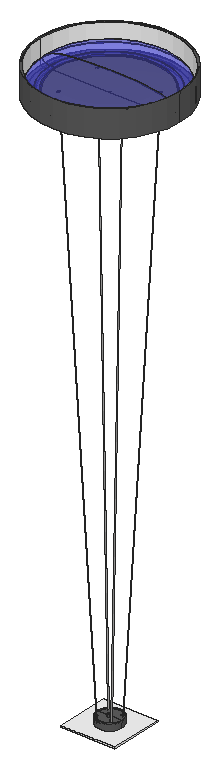
Revit family "BE_50274.1_de_DE", category Leuchten, Revit 2020
Family settings
  Basisbauteil = Fläche
  Bemaßung runder Anschluss = Durchmesser verwenden
  Teiletyp = Normal
  Beim Laden mit Abzugskörper schneiden = Ja
  Lichtquelle = Ja
  Gemeinsam genutzt = Nein
  Raumberechnungspunkt = Ja
Parameters (values of type "BEGA_50274.1_K3")
  built-in parameter 1150104 = 15.32 (stored number, unit not read)
  Wattage = 92.4 W
  Default Elevation = 0 mm
  Emit from Line Length = 609.6 mm
  built-in parameter 1150113 = 1 (stored number, unit not read)
  built-in parameter 1114218 = 1 (stored number, unit not read)
  Umgebungstemperatur = "25 °C"
  URL = "https://www.bega.com/de/produkt/50274.1"
  Typenkommentare = "© 2022 BEGA. Wir behalten uns das Recht vor, technische Änderungen ohne vorherige Ankündigung vorzunehmen."  # constant formula
  built-in parameter 1150134 = 3
  built-in parameter 1150109 = 1 (stored number, unit not read)
  Strom = ""
  built-in parameter 1150110 = 1 (stored number, unit not read)
  Spannung = 239.996 V
  Sonderanfertigung = no
  Seriennummer [instance] = "Hier können Sie die eindeutige Seriennummer für das Facility Management eintragen."
  Schutzklasse = "I"
  Schutzart = "IP 20"
  Scheinlast = 0 VA
  Produktdatenblatt = "https://cdn.bega.com/bega/products/50274.1K3/current/documents/data-sheets/de"
  Oberflächentemperatur = ""
  Neigungswinkel = 90.00°
  Modell = "50274.1K3"
  Material_35 = BEGA_Oberfläche_Samtschwarz_matt
  Material_34 = BEGA_Oberfläche_Samtweiss_matt
  Material_14 = BEGA_Kunststoff_opal
  Material_06 = BEGA_Oberfläche_Edelstahl_gebürstet
  Logo = 0
  built-in parameter 1114217 = 1 (stored number, unit not read)
  built-in parameter 1150139 = (empty or 0)
  built-in parameter 1150105 = 1212.5 (stored number, unit not read)
  built-in parameter 1150114 = 1 (stored number, unit not read)
  Lumens = 15236.8 lm
  built-in parameter 1150115 = 1 (stored number, unit not read)
  Leuchtenlänge [instance] = 4000 mm
  Leuchtenlichtstrom = "11100 lm"
  Leuchtenanzahl = ""
  Lebensdauerkriterien = "L70B50 @ 25 °C = 200000 h"
  Lastklassifizierung = Beleuchtung
  built-in parameter 1150112 = 1 (stored number, unit not read)
  Lampenlichtstrom = "15240 lm"
  Lampe = "LED 91.2 W"
  LED_Modulbezeichnung = "4x LED-0704/930"
  Hersteller = "BEGA"  # constant formula
  Halbstreuwinkel = ""
  Gewicht = "28.9 kg"
  Gebrauchslageneinschränkung [instance] = ""
  Frequenz = "0/50-60 Hz"
  Farbwiedergabeindex = "CRI > 90"
  Farbtemperaturverschiebung bei Dämpfen der Lampe = <Keine Auswahl>
  Farbtemperatur = "3000 K"
  Color Filter = 16777215
  built-in parameter 1150133 = 10 (stored number, unit not read)
  Energieeffizienzklasse = "LED A++ - A"
  built-in parameter 1150137 = (empty or 0)
  built-in parameter 1150132 = (empty or 0)
  ENEC = "ja"
  Dimmbar [instance] = "DALI"
  Datei für fotometrisches Netz = "BE_50274.1K3.IES"
  CE_Konformität = "ja"
  Bestellnummer = "50274.1K3"
  Beschreibung_Sonderanfertigung = "Hier können Sie Informationen zur Sonderanfertigung eintragen."
  Beschreibung = "Flächenpendelleuchte"
  built-in parameter 1150106 = 12.125 (stored number, unit not read)
  Befestigungsbohrung = ""
  Befestigungsabstand = ""
  Ballwurfsicher = ""
  BEGA_Dummy = no
  Anschlussleitung = ""
  Anschlussleistung [instance] = "100 W"
  Anschlusskasten = ""
  built-in parameter 1150107 = 3200 (stored number, unit not read)
  built-in parameter 1150102 = (empty or 0)
  built-in parameter 1150138 = (empty or 0)
  Aktualisierung = "2022-05-19T04:00:07"
  Abstand_zur_angestrahlten_Fläche [instance] = ""
  AC/DC = "AC/DC"
Reference planes
  plane 1 "Mitte (Vorne/Hinten)": y = 0
  plane 2: z = 0
  plane 3 "Mitte (Links/Rechts)": x = 0
  plane 4 "Links": x = -523
  plane 5 "Rechts": x = 523
  plane 6 "Unten": y = -523
  plane 7 "Oben": y = 523
  plane 8 "Vorne": z = 4380.449
  plane 9 "Hinten": z = 0
Forms (mm)
  Extrusion 1, solid, material "BEGA_Platte_Weiss"
    sketch origin (0, -1119.2, 0) x (1, 0, 0) y (0, 1, 0)
      loop
        line (-200, 1319.2) -> (-200, 919.2) -> (200, 919.2) -> (200, 1319.2) -> (-200, 1319.2)
    from 0 to -10
  Extrusion 2, solid, material "BEGA_Dummy_matt", visible <- "BEGA_Dummy"
    sketch origin (77.149, -76.023, 0) x (1, 0, 0) y (0, 1, 0)
      loop
        circle (-77.149, 76.023) r 523
    from 0 to 4380.449
Dimensions and locks
  plane 1 "Mitte (Vorne/Hinten)" to Extrusion 1 = 200 mm
  aligned and locked: plane 2 to Extrusion 1
  aligned and locked: level to Extrusion 1
Nested families
  nested 1: "BE_50274.1" at (0, 0, 0), type "BE_50274.1"
Connectors
  electrical at (0, 0, 0), driven by "Lastklassifizierung", driven by "Spannung", driven by "Scheinlast"
    settings: index 1, voltage 239.996 V, apparent load 0 VA, apparent load phase1 0 VA, apparent load phase2 0 VA, apparent load phase3 0 VA, power factor 1, load classification "Beleuchtung", number of poles 1, system type 31, power factor state 1, is connector primary yes, connector utility no, sub classification motor no, connector description ""
Definition of nested family "BE_50274.1"
  Parameters (values of type "BE_50274.1")
    Default Elevation = 1 mm
    URL = "http://www.bega.de/de/produkt"
    Type Comments = "© 2015 BEGA. Wir behalten uns das Recht vor, technische Änderungen ohne vorherige Ankündigung vorzunehmen. "  # constant formula
    Type Image = (empty or 0)
    Material_35 = none
    Material_34 = none
    Material_14 = none
    Material_06 = none
    M_W = yes
    M_G = yes
    M_A = yes
    Länge_Platte = 400 mm  # constant formula
    Höhe_Platte = -10 mm  # constant formula
    Manufacturer = "BEGA"  # constant formula
    Breite_Platte = 400 mm  # constant formula
  Reference planes
    plane 1 "Mitte (Oben/Unten)": y = 0
    plane 2: z = 0
    plane 3 "Mitte (Links/Rechts)": x = 0
    plane 4: x = -523
    plane 5: x = 523
    plane 6: z = 0
    plane 7: z = 4380.449
    plane 8: y = -523
    plane 9: y = 523
  Forms (mm)
    Extrusion 1, solid, detail levels medium
      sketch origin (0, 0, 0) x (1, 0, 0) y (0, 1, 0)
        loop
          line (-200, 200) -> (-200, -200) -> (200, -200) -> (200, 200) -> (-200, 200)
      from 0 to -10 <- "Höhe_Platte"
    Revolve 2, solid, material <- "Material_35", detail levels medium+fine
      sketch origin (0, 0, 0) x (1, 0, 0) y (0, 0, 1)
        loop
          arc (-91.5, 50) -> (-92.914, 49.414) -> (-93.5, 48) r 2
          line (-93.5, 48) -> (-93.5, 0) -> (-91.5, 0) -> (-91.5, 47)
          arc (-91.5, 47) -> (-91.207, 47.707) -> (-90.5, 48) r 1
          line (-90.5, 48) -> (0, 48) -> (0, 60.25) -> (-13, 60.25) -> (-14, 59.25) -> (-14, 50) -> (-91.5, 50)
        axis (0, 60.25) -> (0, 0)
      angle from 0 to 360
    Extrusion 3, void
      sketch origin (0, 0, 0) x (1, 0, 0) y (0, 1, 0)
        loop
          arc (54.784, -52.663) -> (47.906, -47.906) -> (52.663, -54.784) r 4.25
          line (52.663, -54.784) -> (61.165, -63.286)
          arc (61.165, -63.286) -> (63.289, -63.283) -> (63.281, -61.159) r 1.5
          line (63.281, -61.159) -> (54.784, -52.663)
        loop
          line (54.784, 52.663) -> (63.281, 61.159)
          arc (63.281, 61.159) -> (63.289, 63.283) -> (61.165, 63.286) r 1.5
          line (61.165, 63.286) -> (52.663, 54.784)
          arc (52.663, 54.784) -> (47.906, 47.906) -> (54.784, 52.663) r 4.25
        loop
          line (-54.784, -52.663) -> (-63.281, -61.159)
          arc (-63.281, -61.159) -> (-63.289, -63.283) -> (-61.165, -63.286) r 1.5
          line (-61.165, -63.286) -> (-52.663, -54.784)
          arc (-52.663, -54.784) -> (-47.906, -47.906) -> (-54.784, -52.663) r 4.25
        loop
          arc (-54.784, 52.663) -> (-47.906, 47.906) -> (-52.663, 54.784) r 4.25
          line (-52.663, 54.784) -> (-61.165, 63.286)
          arc (-61.165, 63.286) -> (-63.289, 63.283) -> (-63.281, 61.159) r 1.5
          line (-63.281, 61.159) -> (-54.784, 52.663)
      from 44.935 to 51.04
    Revolve 4, solid, material <- "Material_35", detail levels medium+fine
      sketch origin (0, 0, 0) x (0.707107, -0.707107, 0) y (0, 0, 1)
        loop
          line (53.5, 50) -> (56.4, 50) -> (56.4, 52.002)
          arc (56.4, 52.002) -> (56.254, 52.354) -> (55.902, 52.5) r 0.5
          line (55.902, 52.5) -> (54, 52.5)
          arc (54, 52.5) -> (53.646, 52.353) -> (53.5, 51.999) r 0.5
          line (53.5, 51.999) -> (53.5, 50)
        axis (60, 50) -> (60, 52.5)
      angle from 0 to 360
    Revolve 5, void
      sketch origin (0, 0, 0) x (1, 0, 0) y (0, 0, 1)
        loop
          line (-90.967, 22) -> (-93.748, 22) -> (-93.748, 20) -> (-90.967, 20) -> (-90.967, 22)
        axis (-90.967, 20) -> (-93.748, 20)
      angle from 0 to 360
    Revolve 6, solid, material <- "Material_06", detail levels medium+fine
      sketch origin (-15.442, -14.912, 0.502) x (0.707049, 0.707107, 0.009009) y (-0.012741, 0, 0.999919)
        loop
          line (-235.545, 4199.101) -> (-53.848, 7.642) -> (-53.048, 7.676) -> (-234.746, 4199.135) -> (-235.545, 4199.101)
        axis (-234.746, 4199.135) -> (-53.048, 7.676)
      angle from 0 to 360
    Revolve 7, solid, material <- "Material_06", detail levels medium+fine
      sketch origin (15.442, -14.912, 0.502) x (-0.707049, 0.707107, 0.009009) y (-0.012741, 0, -0.999919)
        loop
          line (-235.498, -4198.021) -> (-234.699, -4198.056) -> (-53.048, -7.676) -> (-53.848, -7.642) -> (-235.498, -4198.021)
        axis (-234.699, -4198.056) -> (-53.048, -7.676)
      angle from 0 to 360
    Revolve 8, solid, material <- "Material_06", detail levels medium+fine
      sketch origin (-15.442, 14.912, 0.502) x (0.707049, -0.707107, 0.009009) y (0.012741, 0, -0.999919)
        loop
          line (-235.55, -4199.214) -> (-234.751, -4199.249) -> (-53.048, -7.676) -> (-53.848, -7.642) -> (-235.55, -4199.214)
        axis (-234.751, -4199.249) -> (-53.048, -7.676)
      angle from 0 to 360
    Revolve 9, solid, material <- "Material_06", detail levels medium+fine
      sketch origin (15.442, 14.912, 0.502) x (-0.707049, -0.707107, 0.009009) y (0.012741, 0, 0.999919)
        loop
          line (-235.497, 4198.002) -> (-53.848, 7.642) -> (-53.048, 7.676) -> (-234.698, 4198.037) -> (-235.497, 4198.002)
        axis (-234.698, 4198.037) -> (-53.048, 7.676)
      angle from 0 to 360
    Revolve 10, solid
      sketch origin (0, 0, 0) x (1, 0, 0) y (0, 0, 1)
        loop
          line (-434.786, 4183.05) -> (-434.786, 4186.05) -> (-514.87, 4186.05) -> (-514.87, 4183.05) -> (-434.786, 4183.05)
        axis (0, 4183.05) -> (0, 4186.05)
      angle from 0 to 360
    Revolve 11, solid, material <- "Material_35", detail levels medium+fine
      sketch origin (0, 0, 0) x (1, 0, 0) y (0, 0, 1)
        loop
          line (-514.87, 4183.05) -> (-434.786, 4183.05) -> (-434.786, 4186.05) -> (-514.87, 4186.05) -> (-514.87, 4183.05)
        loop
          line (-439.786, 4197.249) -> (-439.786, 4195.249) -> (-439.786, 4189.449) -> (-438.471, 4189.449) -> (-438.471, 4195.249) -> (0, 4195.249) -> (0, 4197.249) -> (-439.786, 4197.249)
        axis (0, 4183.05) -> (0, 4197.249)
      angle from 0 to 360
    Revolve 12, solid, material <- "Material_35", detail levels medium+fine
      sketch origin (0, 0, 0) x (1, 0, 0) y (0, 0, 1)
        loop
          line (-523, 4380.449) -> (-523, 4180.449) -> (-519, 4180.449) -> (-519, 4189.449) -> (-489, 4189.449) -> (-489, 4193.449) -> (-519, 4193.449) -> (-519, 4376.949) -> (-514, 4376.949) -> (-514, 4380.449) -> (-523, 4380.449)
        axis (0, 4180.449) -> (0, 4380.449)
      angle from 0 to 360
    Revolve 13, solid, material <- "Material_34", detail levels medium+fine
      sketch origin (0, 0, 0) x (1, 0, 0) y (0, 0, 1)
        loop
          line (-517.5, 4376.949) -> (-519, 4376.949) -> (-519, 4196.949) -> (-517.5, 4196.949) -> (-517.5, 4376.949)
        axis (0, 4196.949) -> (0, 4376.949)
      angle from 0 to 360
    Revolve 14, solid, material <- "Material_14", detail levels medium+fine
      sketch origin (0, 0, 0) x (1, 0, 0) y (0, 0, 1)
        loop
          spline (-0.037, 4344.95) -> (-76.774, 4344.252) -> (-147.86, 4342.163) -> (-213.023, 4338.69) -> (-272.015, 4333.847) -> (-324.609, 4327.653) -> (-370.604, 4320.131) -> (-409.825, 4311.309) -> (-442.122, 4301.222) -> (-467.371, 4289.909) -> (-485.475, 4277.411) -> (-496.365, 4263.778) -> (-500, 4249.061)
          spline (-500, 4249.061) -> (-499.554, 4244.812) -> (-498.221, 4240.618) -> (-496.015, 4236.526) -> (-492.961, 4232.582) -> (-489.093, 4228.828) -> (-484.453, 4225.306) -> (-479.092, 4222.056) -> (-473.07, 4219.112) -> (-466.454, 4216.509) -> (-459.316, 4214.273) -> (-451.735, 4212.43) -> (-443.795, 4211.001)
          arc (-443.795, 4211.001) -> (-441.927, 4211.143) -> (-440.329, 4212.121) r 4
          line (-440.329, 4212.121) -> (-439.095, 4213.354)
          arc (-439.095, 4213.354) -> (-438.445, 4213.794) -> (-437.676, 4213.949) r 2
          line (-437.676, 4213.949) -> (-404.329, 4213.949) -> (-401.442, 4208.949) -> (-396.823, 4208.949) -> (-400.159, 4214.726)
          arc (-400.159, 4214.726) -> (-402.368, 4217.081) -> (-405.477, 4217.95) r 6
          line (-405.477, 4217.95) -> (-437.684, 4217.95)
          arc (-437.684, 4217.95) -> (-439.973, 4217.49) -> (-441.914, 4216.192) r 6
          line (-441.914, 4216.192) -> (-443.157, 4214.95)
          spline (-443.157, 4214.95) -> (-450.871, 4216.337) -> (-458.214, 4218.12) -> (-465.099, 4220.272) -> (-471.441, 4222.767) -> (-477.164, 4225.561) -> (-482.197, 4228.61) -> (-486.476, 4231.864) -> (-489.972, 4235.255) -> (-492.665, 4238.712) -> (-494.545, 4242.175) -> (-495.643, 4245.626) -> (-496, 4249.061)
          spline (-496, 4249.061) -> (-492.806, 4261.955) -> (-482.79, 4274.442) -> (-465.447, 4286.4) -> (-440.728, 4297.474) -> (-408.803, 4307.442) -> (-369.85, 4316.199) -> (-324.058, 4323.691) -> (-271.619, 4329.867) -> (-212.755, 4334.699) -> (-147.696, 4338.166) -> (-76.697, 4340.252) -> (-0.037, 4340.95)
          line (-0.037, 4340.95) -> (-0.037, 4344.95)
        axis (-0.037, 4344.95) -> (-0.037, 4208.949)
      angle from 0 to 360
    Revolve 15, void
      sketch origin (0, 0, 0) x (1, 0, 0) y (0, 0, 1)
        loop
          line (-8, 4197.249) -> (-8, 4194.949) -> (0, 4194.949) -> (0, 4197.249) -> (-8, 4197.249)
        axis (0, 4194.949) -> (0, 4197.249)
      angle from 0 to 360
    Revolve 16, solid, material <- "Material_06", detail levels medium+fine
      sketch origin (0, -180, 0) x (1, 0, 0) y (0, 0, 1)
        loop
          arc (-242.96, 4195.249) -> (-242.064, 4193.483) -> (-240.794, 4191.964) r 8.75
          line (-240.794, 4191.964) -> (-234.76, 4191.964) -> (-234.76, 4195.249) -> (-242.96, 4195.249)
        axis (-234.76, 4191.964) -> (-234.76, 4195.249)
      angle from 0 to 360
    Revolve 17, solid, material <- "Material_06", detail levels medium+fine
      sketch origin (0, -180, 0) x (-1, 0, 0) y (0, 0, -1)
        loop
          line (-242.96, -4195.249) -> (-234.76, -4195.249) -> (-234.76, -4191.964) -> (-240.794, -4191.964)
          arc (-240.794, -4191.964) -> (-242.064, -4193.483) -> (-242.96, -4195.249) r 8.75
        axis (-234.76, -4191.964) -> (-234.76, -4195.249)
      angle from 0 to 360
    Revolve 18, solid, material <- "Material_06", detail levels medium+fine
      sketch origin (0, 180, 0) x (1, 0, 0) y (0, 0, -1)
        loop
          line (-242.96, -4195.249) -> (-234.76, -4195.249) -> (-234.76, -4191.964) -> (-240.794, -4191.964)
          arc (-240.794, -4191.964) -> (-242.064, -4193.483) -> (-242.96, -4195.249) r 8.75
        axis (-234.76, -4191.964) -> (-234.76, -4195.249)
      angle from 0 to 360
    Revolve 19, solid, material <- "Material_06", detail levels medium+fine
      sketch origin (0, 180, 0) x (-1, 0, 0) y (0, 0, 1)
        loop
          arc (-242.96, 4195.249) -> (-242.064, 4193.483) -> (-240.794, 4191.964) r 8.75
          line (-240.794, 4191.964) -> (-234.76, 4191.964) -> (-234.76, 4195.249) -> (-242.96, 4195.249)
        axis (-234.76, 4191.964) -> (-234.76, 4195.249)
      angle from 0 to 360
  Cuts and joins
    Extrusion 3, Revolve 5 cuts Revolve 2
    Revolve 5 cuts Revolve 4
    joined: Revolve 2, Revolve 4
    joined: Revolve 6, Revolve 7, Revolve 8, Revolve 9, Revolve 16, Revolve 17, Revolve 18, Revolve 19
    Revolve 15 cuts Revolve 11
  Dimensions and locks
    equal spacing: Extrusion 1 sketch curve, plane 3 "Mitte (Links/Rechts)", Extrusion 1 sketch curve
    equal spacing: Extrusion 1 sketch curve, plane 1 "Mitte (Oben/Unten)", Extrusion 1 sketch curve
    "Länge_Platte": Extrusion 1 sketch curve to Extrusion 1 sketch curve
    "Breite_Platte": Extrusion 1 sketch curve to Extrusion 1 sketch curve
    aligned and locked: plane 2 to Extrusion 1
    aligned and locked: level to Extrusion 1
  Automatic sketch dimensions
    Revolve 2 sketch curve to level = 0 mm
    Revolve 2 sketch curve to plane 3 "Mitte (Links/Rechts)" = 0 mm  (x2)
    Revolve 2 sketch curve to Revolve 2 sketch curve = 13 mm
    Revolve 2 sketch curve to Revolve 2 sketch curve = 1 mm  (x3)
    Revolve 2 sketch curve to Revolve 2 sketch curve = 0 mm  (x8)
    Revolve 2 sketch curve to Revolve 2 sketch curve = 2 mm  (x4)
    Revolve 2 sketch curve to Revolve 2 sketch curve = 9.25 mm
    Revolve 2 sketch curve to Revolve 2 sketch curve = 12.25 mm
    Revolve 2 sketch curve to Revolve 2 sketch curve = 8 mm
    Extrusion 3 sketch curve to Extrusion 3 sketch curve = 1.055 mm  (x4)
    Extrusion 3 sketch curve to Extrusion 3 sketch curve = 8.497 mm  (x4)
    Extrusion 3 sketch curve to Extrusion 3 sketch curve = 2.121 mm  (x6)
    Extrusion 3 sketch curve to Extrusion 3 sketch curve = 1.751 mm  (x6)
    plane 3 "Mitte (Links/Rechts)" to Extrusion 3 sketch curve = 50.912 mm  (x2)
    Extrusion 3 sketch curve to Extrusion 3 sketch curve = 9.563 mm  (x2)
    Extrusion 3 sketch curve to Extrusion 3 sketch curve = 1.066 mm  (x4)
    Extrusion 3 sketch curve to Extrusion 3 sketch curve = 7.441 mm  (x2)
    Extrusion 3 sketch curve to plane 1 "Mitte (Oben/Unten)" = 50.912 mm  (x2)
    Extrusion 3 sketch curve to Extrusion 3 sketch curve = 1.061 mm  (x4)
    Extrusion 3 sketch curve to Extrusion 3 sketch curve = 0 mm  (x8)
    Revolve 4 sketch curve to Revolve 4 sketch curve = 0.5 mm  (x2)
    Revolve 4 sketch curve to Revolve 4 sketch curve = 1.9 mm
    Revolve 4 sketch curve to Revolve 4 sketch curve = 0.002 mm  (x2)
    Revolve 4 sketch curve to Revolve 4 sketch curve = 2 mm
    Revolve 4 sketch curve to Revolve 4 sketch curve = 0 mm  (x3)
    Revolve 4 sketch curve to Revolve 4 sketch curve = 3.6 mm
    Revolve 4 sketch curve to Revolve 4 sketch curve = 0.693 mm
    Revolve 4 sketch curve to Revolve 4 sketch curve = 3.19 mm
    Revolve 5 sketch curve to Revolve 5 sketch curve = 2.781 mm
    level to Revolve 5 sketch curve = 20 mm
    Revolve 5 sketch curve to Revolve 5 sketch curve = 2 mm
    Revolve 5 sketch curve to Revolve 5 sketch curve = 1.752 mm
    Revolve 5 sketch curve to Revolve 5 sketch curve = 0 mm  (x2)
    Revolve 6 sketch curve to Revolve 6 sketch curve = 0.799 mm  (x2)
    Revolve 6 sketch curve to Revolve 6 sketch curve = 181.697 mm
    Revolve 6 sketch curve to Revolve 6 sketch curve = 4191.459 mm
    Revolve 6 sketch curve to Revolve 6 sketch curve = 0.678 mm
    Revolve 6 sketch curve to Revolve 6 sketch curve = 0.791 mm
    Revolve 6 sketch curve to Revolve 6 sketch curve = 33.873 mm
    Revolve 6 sketch curve to Revolve 6 sketch curve = 15.637 mm
    Revolve 7 sketch curve to Revolve 7 sketch curve = 0.799 mm
    Revolve 7 sketch curve to Revolve 7 sketch curve = 181.651 mm
    Revolve 7 sketch curve to Revolve 7 sketch curve = 4190.379 mm
    Revolve 7 sketch curve to Revolve 7 sketch curve = 0.631 mm
    Revolve 7 sketch curve to Revolve 7 sketch curve = 0.791 mm
    Revolve 7 sketch curve to Revolve 7 sketch curve = 14.557 mm
    Revolve 7 sketch curve to Revolve 7 sketch curve = 18.237 mm
    Revolve 8 sketch curve to Revolve 8 sketch curve = 0.799 mm
    Revolve 8 sketch curve to Revolve 8 sketch curve = 181.702 mm
    Revolve 8 sketch curve to Revolve 8 sketch curve = 4191.573 mm
    Revolve 8 sketch curve to Revolve 8 sketch curve = 0.683 mm
    Revolve 8 sketch curve to Revolve 8 sketch curve = 0.791 mm
    Revolve 8 sketch curve to Revolve 8 sketch curve = 15.75 mm
    Revolve 8 sketch curve to Revolve 8 sketch curve = 18.237 mm
    Revolve 9 sketch curve to Revolve 9 sketch curve = 0.799 mm  (x2)
    Revolve 9 sketch curve to Revolve 9 sketch curve = 181.65 mm
    Revolve 9 sketch curve to Revolve 9 sketch curve = 4190.361 mm
    Revolve 9 sketch curve to Revolve 9 sketch curve = 0.63 mm
    Revolve 9 sketch curve to Revolve 9 sketch curve = 0.791 mm
    Revolve 9 sketch curve to Revolve 9 sketch curve = 32.775 mm
    Revolve 9 sketch curve to Revolve 9 sketch curve = 14.538 mm
    Revolve 10 sketch curve to plane 3 "Mitte (Links/Rechts)" = 0 mm
    Revolve 10 sketch curve to Revolve 10 sketch curve = 80.083 mm
    Revolve 10 sketch curve to Revolve 10 sketch curve = 3 mm
    Revolve 10 sketch curve to Revolve 10 sketch curve = 70 mm
    Revolve 10 sketch curve to Revolve 10 sketch curve = 100 mm
    Revolve 11 sketch curve to plane 3 "Mitte (Links/Rechts)" = 0 mm  (x2)
    Revolve 11 sketch curve to Revolve 11 sketch curve = 3.685 mm
    Revolve 11 sketch curve to Revolve 11 sketch curve = 1.315 mm
    Revolve 11 sketch curve to Revolve 11 sketch curve = 75.083 mm
    Revolve 11 sketch curve to Revolve 11 sketch curve = 3 mm
    Revolve 11 sketch curve to Revolve 11 sketch curve = 3.4 mm
    Revolve 11 sketch curve to Revolve 11 sketch curve = 5.8 mm
    Revolve 11 sketch curve to Revolve 11 sketch curve = 9.2 mm
    Revolve 11 sketch curve to Revolve 11 sketch curve = 2 mm
    Revolve 11 sketch curve to Revolve 11 sketch curve = 142.2 mm
    Revolve 11 sketch curve to Revolve 11 sketch curve = 30.8 mm
    Revolve 12 sketch curve to plane 3 "Mitte (Links/Rechts)" = 0 mm
    Revolve 12 sketch curve to Revolve 12 sketch curve = 25 mm
    Revolve 12 sketch curve to Revolve 12 sketch curve = 30 mm
    Revolve 12 sketch curve to Revolve 12 sketch curve = 5 mm
    Revolve 12 sketch curve to Revolve 12 sketch curve = 4 mm  (x2)
    Revolve 12 sketch curve to Revolve 12 sketch curve = 9 mm
    Revolve 12 sketch curve to Revolve 12 sketch curve = 183.5 mm
    Revolve 12 sketch curve to Revolve 12 sketch curve = 3.5 mm
    Revolve 12 sketch curve to Revolve 12 sketch curve = 105 mm
    Revolve 12 sketch curve to Revolve 12 sketch curve = 49.939 mm
    Revolve 13 sketch curve to plane 3 "Mitte (Links/Rechts)" = 0 mm
    Revolve 13 sketch curve to Revolve 13 sketch curve = 1.5 mm
    Revolve 13 sketch curve to Revolve 13 sketch curve = 180 mm
    Revolve 13 sketch curve to Revolve 13 sketch curve = 55 mm
    Revolve 13 sketch curve to Revolve 13 sketch curve = 95 mm
    Revolve 14 sketch curve to Revolve 14 sketch curve = 52.843 mm
    Revolve 14 sketch curve to Revolve 14 sketch curve = 0 mm  (x12)
    Revolve 14 sketch curve to Revolve 14 sketch curve = 4.061 mm
    Revolve 14 sketch curve to Revolve 14 sketch curve = 1.412 mm
    Revolve 14 sketch curve to Revolve 14 sketch curve = 1.42 mm
    Revolve 14 sketch curve to Revolve 14 sketch curve = 1.424 mm
    Revolve 14 sketch curve to Revolve 14 sketch curve = 32.206 mm
    Revolve 14 sketch curve to Revolve 14 sketch curve = 1.149 mm
    Revolve 14 sketch curve to Revolve 14 sketch curve = 4.035 mm
    Revolve 14 sketch curve to Revolve 14 sketch curve = 4.17 mm
    Revolve 14 sketch curve to Revolve 14 sketch curve = 4.619 mm
    Revolve 14 sketch curve to plane 3 "Mitte (Links/Rechts)" = 0.037 mm
    Revolve 14 sketch curve to Revolve 14 sketch curve = 3 mm
    Revolve 14 sketch curve to Revolve 14 sketch curve = 1.405 mm
    Revolve 14 sketch curve to Revolve 14 sketch curve = 0.777 mm
    Revolve 14 sketch curve to Revolve 14 sketch curve = 1.595 mm
    Revolve 14 sketch curve to Revolve 14 sketch curve = 34.112 mm
    Revolve 14 sketch curve to Revolve 14 sketch curve = 132 mm
    Revolve 14 sketch curve to Revolve 14 sketch curve = 4 mm  (x2)
    Revolve 14 sketch curve to Revolve 14 sketch curve = 0.638 mm
    Revolve 14 sketch curve to Revolve 14 sketch curve = 1.243 mm
    Revolve 14 sketch curve to Revolve 14 sketch curve = 1.233 mm
    Revolve 14 sketch curve to Revolve 14 sketch curve = 13.744 mm
    Revolve 14 sketch curve to Revolve 14 sketch curve = 61.714 mm
    Revolve 14 sketch curve to Revolve 14 sketch curve = 1900.476 mm
    Revolve 14 sketch curve to Revolve 14 sketch curve = 360.53 mm
    Revolve 14 sketch curve to Revolve 14 sketch curve = 3.949 mm
    Revolve 14 sketch curve to Revolve 14 sketch curve = 23.438 mm
    Revolve 15 sketch curve to plane 3 "Mitte (Links/Rechts)" = 0 mm  (x2)
    Revolve 15 sketch curve to Revolve 15 sketch curve = 8 mm
    Revolve 15 sketch curve to Revolve 15 sketch curve = 2.3 mm
    Revolve 15 sketch curve to Revolve 15 sketch curve = 0 mm  (x2)
    Revolve 16 sketch curve to Revolve 16 sketch curve = 2.166 mm
    Revolve 16 sketch curve to Revolve 16 sketch curve = 6.035 mm
    Revolve 16 sketch curve to Revolve 16 sketch curve = 0 mm  (x4)
    Revolve 16 sketch curve to Revolve 16 sketch curve = 3.285 mm
    Revolve 17 sketch curve to Revolve 17 sketch curve = 2.166 mm
    Revolve 17 sketch curve to Revolve 17 sketch curve = 6.035 mm
    Revolve 17 sketch curve to Revolve 17 sketch curve = 0 mm  (x4)
    Revolve 17 sketch curve to Revolve 17 sketch curve = 3.051 mm
    Revolve 18 sketch curve to Revolve 18 sketch curve = 2.166 mm
    Revolve 18 sketch curve to Revolve 18 sketch curve = 6.035 mm
    Revolve 18 sketch curve to Revolve 18 sketch curve = 0 mm  (x4)
    Revolve 18 sketch curve to Revolve 18 sketch curve = 3.051 mm
    Revolve 19 sketch curve to Revolve 19 sketch curve = 2.166 mm
    Revolve 19 sketch curve to Revolve 19 sketch curve = 6.035 mm
    Revolve 19 sketch curve to Revolve 19 sketch curve = 0 mm  (x4)
    Revolve 19 sketch curve to Revolve 19 sketch curve = 3.285 mm
    level to Revolve 2 sketch curve = 47 mm
    level to Revolve 4 sketch curve = 50 mm
    Revolve 10 sketch curve to plane 7 = 197.4 mm
    Revolve 11 sketch curve to plane 7 = 197.4 mm
    Revolve 12 sketch curve to plane 7 = 0 mm
    Revolve 13 sketch curve to plane 7 = 183.5 mm
    Revolve 14 sketch curve to plane 7 = 171.5 mm
    Revolve 15 sketch curve to plane 7 = 185.5 mm
    Revolve 16 sketch curve to plane 7 = 188.485 mm
    Revolve 17 sketch curve to plane 7 = 182.149 mm
    Revolve 18 sketch curve to plane 7 = 182.149 mm
    Revolve 19 sketch curve to plane 7 = 188.485 mm
    plane 1 "Mitte (Oben/Unten)" to Extrusion 3 sketch curve = 50.912 mm  (x2)
    Revolve 2 sketch curve to Revolve 2 sketch curve = 76.5 mm
    Extrusion 3 sketch curve to plane 3 "Mitte (Links/Rechts)" = 50.912 mm  (x2)
    Revolve 5 sketch curve to plane 3 "Mitte (Links/Rechts)" = 93.748 mm
    plane 4 to Revolve 10 sketch curve = 88.214 mm
    plane 4 to Revolve 11 sketch curve = 88.214 mm
    Revolve 12 sketch curve to plane 4 = 0 mm
    plane 4 to Revolve 13 sketch curve = 5.5 mm
    Revolve 16 sketch curve to plane 3 "Mitte (Links/Rechts)" = 242.96 mm
    Revolve 18 sketch curve to plane 3 "Mitte (Links/Rechts)" = 242.96 mm
    plane 4 to Revolve 14 sketch curve = 126.177 mm
    plane 3 "Mitte (Links/Rechts)" to Revolve 17 sketch curve = 242.96 mm
    plane 3 "Mitte (Links/Rechts)" to Revolve 19 sketch curve = 242.96 mm
